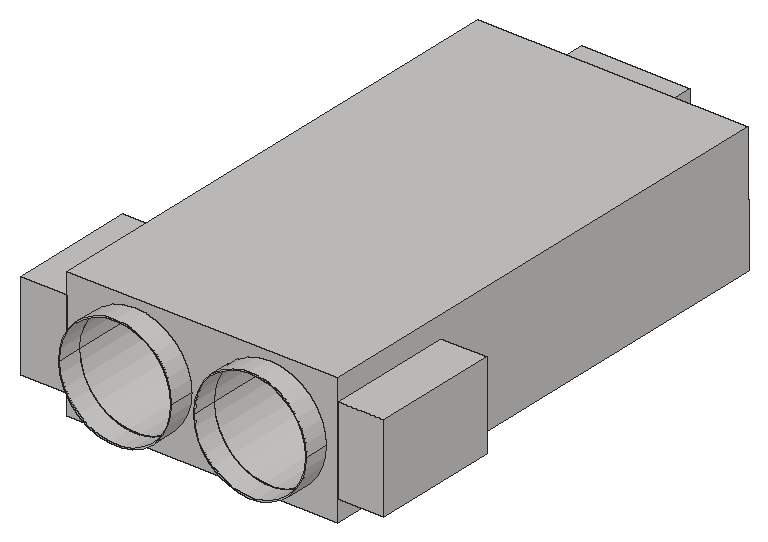
Revit family
Parameters
  Width = 3' - 2"
  Unit Weight = "183.0 lbs"
  URL = "http://www.titus-hvac.com/"
  UL = "181"
  SteriLoc Liner = Liner Option = 3  # no
  Outlet Width = 1' - 3 1/8"
  Outlet Height = 1' - 4 1/8"
  Nominal Width = Width + 1' 1"  # 4' - 3"
  Nominal Length = Length + Inlet Length + 0' 4"  # 6' - 7 3/8"
  Nominal Inlet Size = 1' - 4"
  Nominal Height = if(Height > 1' 0 1/4", Height, 1' 0 1/4")  # 1' - 6 1/8"
  NFPA = "90A"
  Model = "DMDV"
  Min. Air Flow = 0 CFM
  Max. Air Flow = 4000 CFM
  Material = Steel
  Manufacturer = "Titus"
  Liner Option = 0
  Length = 6' - 0"
  Inlet Void Radius = Inlet Radius - 0' 0 1/8"  # 0' - 7 13/16"
  Inlet Radius = Inlet Diameter / 2  # 0' - 7 15/16"
  Inlet Offset = 1' - 6 7/8"
  Inlet Length = 0' - 3 3/8"
  Inlet Diameter = Nominal Inlet Size - 0' 0 1/8"  # 1' - 3 7/8"
  Height = 1' - 6 1/8"
  Heat Air Pressure Drop [instance] = 0.00 in-wg
  Heat Air Flow [instance] = 0 CFM
  Fiber Free Liner = Liner Option = 2  # no
  Duct Radius = Nominal Inlet Size / 2  # 0' - 8"
  Description = "Dual Duct Terminal Unit, Digital Control, Pressure Independent, High Performance Mixer"
  Cool Air Pressure Drop [instance] = 0.00 in-wg
  Cool Air Flow [instance] = 0 CFM
  CADworks URL = "www.CADworks.net"
  Assembly Code = "D3040100"
  1/2" Fiberglass Liner = Liner Option = 0  # yes
  1" Fiberglass Liner = Liner Option = 1  # no
Reference planes (in)
  plane 1 "Center (Front/Back)": y = 0
  plane 2: z = 0
  plane 3 "Center (Left/Right)": x = 0
  plane 4: x = 19
  plane 5: x = -19
  plane 6: y = 36
  plane 7: y = -36
  plane 8: z = 9.0625
  plane 9: z = -9.0625
  plane 10: x = -9.4375
  plane 11: x = 9.4375
  plane 12: y = -39.375
  plane 13: y = 40
  plane 14: x = -25.5
  plane 15: x = 25.5
  plane 16: y = 12
  plane 17: y = -12
Forms (in)
  Extrusion 1, solid, material "Steel" <- "Material"
    sketch origin (0, 9.5, -24) x (1, 0, 0) y (0, 0, 1)
      loop
        line (-19, 33.0625) -> (-19, 14.9375) -> (19, 14.9375) -> (19, 33.0625) -> (-19, 33.0625)
    from -26.5 to 45.5
  Extrusion 2, solid, material "Steel" <- "Material"
    sketch origin (0, -23.5, 0) x (1, 0, 0) y (0, 0, 1)
      loop
        line (19, 6.125) -> (19, -6.125) -> (25.5, -6.125) -> (25.5, 6.125) -> (19, 6.125)
    from -5.5 to 12.5
  Extrusion 3, solid, material "Steel" <- "Material"
    sketch origin (0, -21.5, 0) x (-1, 0, 0) y (0, 0, -1)
      loop
        line (19, -6.125) -> (25.5, -6.125) -> (25.5, 6.125) -> (19, 6.125) -> (19, -6.125)
    from -3.5 to 14.5
  Extrusion 4, solid, material "Steel" <- "Material"
    sketch origin (0, -19, 0) x (1, 0, 0) y (0, 0, 1)
      loop
        circle (-9.4375, 0) r 7.9375
    from 17 to 20.375
  Extrusion 5, solid, material "Steel" <- "Material"
    sketch origin (0, -19, 0) x (-1, 0, 0) y (0, 0, -1)
      loop
        circle (-9.4375, 0) r 7.9375
    from 17 to 20.375
  Extrusion 6, void
    sketch origin (0, -10.375, 0) x (1, 0, 0) y (0, 0, 1)
      loop
        circle (-9.4375, 0) r 7.8125
    from 1.625 to 29
  Extrusion 7, void
    sketch origin (0, 0, 0) x (1, 0, 0) y (0, 0, 1)
      loop
        circle (9.4375, 0) r 7.8125
    from 12 to 39.375
  Extrusion 8, solid, material "Steel" <- "Material"
    sketch origin (0, 23, 0) x (1, 0, 0) y (0, 0, 1)
      loop
        line (-7.5625, 8.0625) -> (-7.5625, -8.0625) -> (7.5625, -8.0625) -> (7.5625, 8.0625) -> (-7.5625, 8.0625)
    from -17 to -13
  Extrusion 9, void
    sketch origin (0, 21.5, 0) x (1, 0, 0) y (0, 0, 1)
      loop
        line (-7.3125, 7.8125) -> (-7.3125, -7.8125) -> (7.3125, -7.8125) -> (7.3125, 7.8125) -> (-7.3125, 7.8125)
    from -18.5 to 9.5
Cuts and joins
  Extrusion 6, Extrusion 7, Extrusion 9 cuts Extrusion 1
  Extrusion 6 cuts Extrusion 4
  Extrusion 7 cuts Extrusion 5
  Extrusion 9 cuts Extrusion 8
Dimensions and locks (in)
  "Length": plane 7 to plane 6
  equal spacing: plane 7, plane 1 "Center (Front/Back)", plane 6
  "Width": plane 5 to plane 4
  equal spacing: plane 5, plane 3 "Center (Left/Right)", plane 4
  "Height": plane 9 to plane 8
  equal spacing: plane 9, level, plane 8
  locked: Extrusion 2 to plane 7 at 18
  locked: Extrusion 2 to Extrusion 2 at 12.25
  equal spacing: Extrusion 2, plane 2, Extrusion 2, locked at 6.125 each
  locked: Extrusion 2 to plane 4 at 6.5
  locked: Extrusion 3 to Extrusion 3 at 12.25
  equal spacing: Extrusion 3, plane 2, Extrusion 3, locked at 6.125 each
  locked: Extrusion 3 to plane 5 at 6.5
  locked: Extrusion 3 to plane 7 at 18
  "Inlet Offset": plane 10 to plane 11
  equal spacing: plane 10, plane 3 "Center (Left/Right)", plane 11
  "Inlet Length": plane 7 to plane 12
  "Inlet Length": plane 7 to Extrusion 4
  "Inlet Length": Extrusion 5 to plane 7
  locked: plane 6 to plane 13 at 4
  "Outlet Width": Extrusion 8 sketch curve to Extrusion 8 sketch curve
  equal spacing: Extrusion 8 sketch curve, plane 3 "Center (Left/Right)", Extrusion 8 sketch curve
  locked: Extrusion 4 sketch curve to level at 0
  locked: Extrusion 4 sketch curve to plane 10 at 0
  locked: Extrusion 5 sketch curve to level at 0
  locked: Extrusion 5 sketch curve to plane 11 at 0
  locked: Extrusion 6 sketch curve to level at 0
  locked: Extrusion 6 sketch curve to plane 10 at 0
  locked: Extrusion 7 sketch curve to level at 0
  locked: Extrusion 7 sketch curve to plane 11 at 0
  locked: cut or joined group of Extrusion 8, Extrusion 9 to Extrusion 9 sketch curve at 0.25  (x3)
  locked: Extrusion 9 sketch curve to cut or joined group of Extrusion 8, Extrusion 9 at 0.25
  "Outlet Height": Extrusion 8 sketch curve to Extrusion 8 sketch curve
  equal spacing: Extrusion 8 sketch curve, plane 2, Extrusion 8 sketch curve
  "Nominal Width": plane 14 to plane 15
  plane 13 to plane 12 = 6' - 7 3/8"
  locked: plane 14 to plane 5 at 6.5
  equal spacing: cut or joined group of Extrusion 8, Extrusion 9, plane 3 "Center (Left/Right)", cut or joined group of Extrusion 8, Extrusion 9
  locked: plane 17 to plane 7 at 24
  locked: plane 16 to plane 6 at 24
  "Inlet Radius": radius of Extrusion 4 sketch curve
  "Inlet Radius": radius of Extrusion 5 sketch curve
  "Inlet Void Radius": radius of Extrusion 6 sketch curve
  "Inlet Void Radius": radius of Extrusion 7 sketch curve
  aligned and locked: plane 6 to Extrusion 1
  aligned and locked: plane 4 to Extrusion 1
  aligned and locked: plane 5 to Extrusion 1
  aligned and locked: plane 7 to Extrusion 1
  aligned and locked: plane 8 to Extrusion 1
  aligned and locked: plane 7 to Extrusion 2
  aligned and locked: plane 7 to Extrusion 3
  aligned and locked: plane 12 to Extrusion 4
  aligned and locked: plane 7 to Extrusion 4
  aligned and locked: plane 7 to Extrusion 5
  aligned and locked: plane 6 to Extrusion 8
  aligned and locked: plane 13 to Extrusion 8
  aligned and locked: plane 12 to cut or joined group of Extrusion 4, Extrusion 6  (x2)
  aligned and locked: plane 12 to cut or joined group of Extrusion 5, Extrusion 7  (x2)
  aligned and locked: plane 13 to cut or joined group of Extrusion 8, Extrusion 9  (x2)
  aligned and locked: plane 14 to Extrusion 3  (x2)
  aligned and locked: plane 15 to Extrusion 2
  aligned and locked: Extrusion 6 to plane 12
  aligned and locked: Extrusion 7 to plane 12
  aligned and locked: Extrusion 9 to plane 13
  aligned and locked: Extrusion 2 to plane 15
  aligned and locked: Extrusion 2 to cut or joined group of Extrusion 1, Extrusion 6, Extrusion 7, Extrusion 9
  aligned and locked: Extrusion 3 to cut or joined group of Extrusion 1, Extrusion 6, Extrusion 7, Extrusion 9
  aligned and locked: cut or joined group of Extrusion 1, Extrusion 6, Extrusion 7, Extrusion 9 to plane 8
  aligned and locked: plane 9 to cut or joined group of Extrusion 1, Extrusion 6, Extrusion 7, Extrusion 9
  aligned and locked: plane 16 to Extrusion 9
  aligned and locked: plane 17 to Extrusion 6
  aligned and locked: Extrusion 7 to cut or joined group of Extrusion 1, Extrusion 6, Extrusion 7, Extrusion 9
Automatic sketch dimensions
  Extrusion 1 sketch curve to plane 5 = 0' - 0"
  Extrusion 1 sketch curve to plane 4 = 0' - 0"
  plane 9 to Extrusion 1 sketch curve = 0' - 0"
  plane 8 to Extrusion 1 sketch curve = 0' - 0"
  Extrusion 2 sketch curve to plane 4 = 0' - 0"
  Extrusion 2 sketch curve to plane 9 = 0' - 2 15/16"
  Extrusion 2 sketch curve to Extrusion 2 sketch curve = 0' - 6 1/2"
  plane 8 to Extrusion 2 sketch curve = 0' - 2 15/16"
  Extrusion 3 sketch curve to plane 5 = 0' - 0"
  Extrusion 3 sketch curve to plane 9 = 0' - 2 15/16"
  Extrusion 3 sketch curve to Extrusion 3 sketch curve = 0' - 6 1/2"
  plane 8 to Extrusion 3 sketch curve = 0' - 2 15/16"
Connectors (in)
  hvac at (9.4375, -39.375, 0), driven by "Duct Radius", driven by "Cool Air Pressure Drop", driven by "Cool Air Flow"
    settings: on cut or joined group of Extrusion 5, Extrusion 7, index 1
  hvac at (-9.4375, -39.375, 0), driven by "Duct Radius", driven by "Heat Air Pressure Drop", driven by "Heat Air Flow"
    settings: on cut or joined group of Extrusion 4, Extrusion 6, index 2
  hvac at (0, 40, 0), driven by "Outlet Height", driven by "Outlet Width"
    settings: on cut or joined group of Extrusion 8, Extrusion 9, index 3
